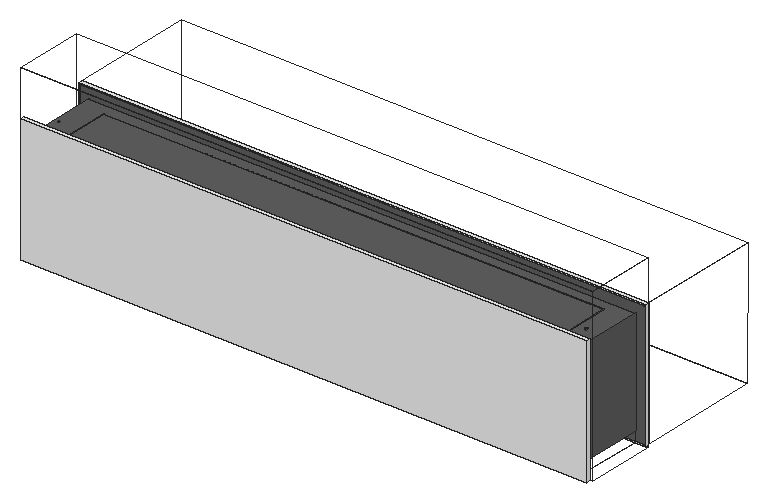
Revit family "AIRTECNICS_AIR CURTAIN_ZEN_DX-VRV_(DAIKIN)123", category Mechanical Equipment, Revit 2016 (continued)
Types (4, lengths in mm): name | Weight | Triple Phase (External Ut.) | Single Phase (External Ut.) | REF | Product Size | Product Reference | Product Description | Power Fans | Noise Level (dB(A)) | Mainfolds | Length | Gas Coil Volume | External Ut. Reference | Expansion Valve | Dn_Metric_Refrig_Gas | DX Coil Rows = 4 | DX Coil Rows = 3 | Current Fans | COD | Apparent Load | Airflow | L
  ZEN ECG 1500 DX/VRV-DA | 57.00 kg | no | yes | 121 | "1500" | "ZEN ECG 1500 DX13-DA" | "Decorative energy saving heat pump air curtain in contemporary architectural style: Up to 70% reduction in costs and CO2 emissions (heating mode).\r\nIts minimalist and smart design integrates in any environment and offers infinite options to customize.\r\nThe panels can include logos, lighting, signage, safety or information signs, graphics, pictures, clocks, all according to customer specifications.\r\nFront anodized aluminium panels. Optionally manufactured in brushed or mirror polished stainless steel. Other materials are possible, such as galvanized steel, smooth or texturated skinplate, wood, etc.\r\nCentral structure made of galvanized steel finished in black forge as standard. Other colours are available on request. \r\nAnodized aluminium outlet vanes, airfoil shaped, adjustable in both directions.\r\nDouble-inlet centrifugal fans driven by an external rotor motor and low noise level. 5-speed selector. EC models assembled with very low consumption efficiency fans. \r\nIncludes only heating direct expansion coil with installed temperature sensors.\r\nPlug&Play control panel CS-5DX-NE slave DX with 5 speeds selector and 7m telephone cable included.\r\nReady to connect to DAIKIN Inverter outdoor heat pump unit (R410A) and EKEXV100 expansion valve not included, the customer should purchase it.\r\nRequires EKEQDCB DAIKIN DX Interface KIT adapted for air curtain and BRC1H519W programmable control, please consult.\r\nAir Volume: 2920 m3/h \r\nFans:  0,284 kW  2,48 A 230Vx1 50/60Hz\r\nHeating capacity: 12,5 kW\r\nDimensions: 291x473x1620 mm (depth, height, length)\r\nNOT SUPPLIED BY AIRTÈCNICS:\r\nEKEQDCB Interface DX kit and BRC1H519W programmable control.\r\nExpansion valve EKEXV100.\r\nExternal unit:\r\n ERQ 100 AV1\r\nExternal unit Daikin, single phase motor 230Vx1 50Hz.\r\nHeating capacity 12,5kW. Heating power: 2,74kW. COP 4,56.\r\nCooling capacity 11,2kW. Cooling power 2,81kW. EER 3,99.\r\nCooling circuits 5/8\" - 3/8\".\r\nMaximum length 55m.\r\nDesnivell màxim 35m." | 0.284 kW | 62 | "5/8'' & 3/8''" | 1620.0 | 2.20 L | "ERQ 100 AV1" | "EKEXV 100" | 16 | no | yes | 2.48 A | 121 | 568 VA | 2920 m³/h | 1500.0
  ZEN ECG 1000 DX/VRV-DA | 40.00 kg | no | yes | 11 | "1000" | "ZEN ECG 1000 DX10-DA" | "Decorative energy saving heat pump air curtain in contemporary architectural style: Up to 70% reduction in costs and CO2 emissions (heating mode).\r\nIts minimalist and smart design integrates in any environment and offers infinite options to customize.\r\nThe panels can include logos, lighting, signage, safety or information signs, graphics, pictures, clocks, all according to customer specifications.\r\nFront anodized aluminium panels. Optionally manufactured in brushed or mirror polished stainless steel. Other materials are possible, such as galvanized steel, smooth or texturated skinplate, wood, etc.\r\nCentral structure made of galvanized steel finished in black forge as standard. Other colours are available on request. \r\nAnodized aluminium outlet vanes, airfoil shaped, adjustable in both directions.\r\nDouble-inlet centrifugal fans driven by an external rotor motor and low noise level. 5-speed selector. EC models assembled with very low consumption efficiency fans. \r\nIncludes only heating direct expansion coil with installed temperature sensors.\r\nPlug&Play control panel CS-5DX-NE slave DX with 5 speeds selector and 7m telephone cable included.\r\nReady to connect to DAIKIN Inverter outdoor heat pump unit (R410A) and EKEXV80 expansion valve not included, the customer should purchase it.\r\nRequires EKEQDCB DAIKIN DX Interface KIT adapted for air curtain and BRC1H519W programmable control, please consult.\r\nAir Volume: 2190 m3/h \r\nFans:  0,213 kW  1,86 A 230Vx1 50/60Hz\r\nHeating capacity: 9,70 kW\r\nDimensions: 291x473x1220 mm (depth, height, length)\r\nNOT SUPPLIED BY AIRTÈCNICS:\r\nEKEQDCB Interface DX kit and BRC1H519W programmable control.\r\nExpansion valve EKEXV80.\r\nExternal unit:\r\n ERQ 100 AV1\r\nExternal unit Daikin, single phase motor 230Vx1 50Hz.\r\nHeating capacity 12,5kW. Heating power: 2,74kW. COP 4,56.\r\nCooling capacity 11,2kW. Cooling power 2,81kW. EER 3,99.\r\nCooling circuits 5/8\" - 3/8\".\r\nMaximum length 55m.\r\nDesnivell màxim 35m." | 0.213 kW | 61 | "5/8'' & 3/8''" | 1220.0 | 1.80 L | "ERQ 100 AV1" | "EKEXV 80" | 16 | yes | no | 1.86 A | 11 | 426 VA | 2190 m³/h | 1000.0
